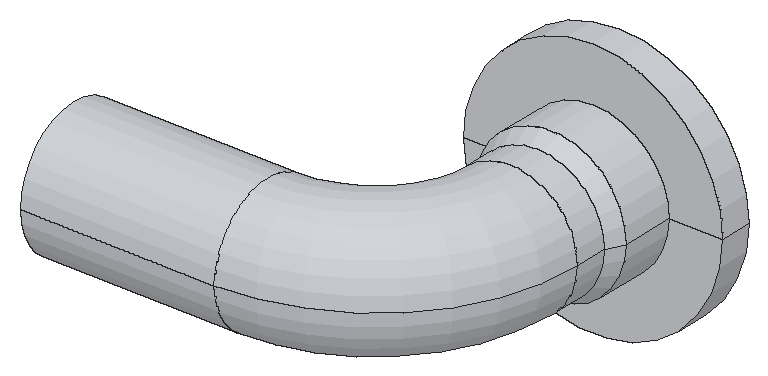
Revit family "1ccadcfc17824af38a2bb159b739b2b1", category Pipe Fittings, Revit 2021
Family settings
  Round Connector Dimension = Use Radius
  Part Type = Elbow
  OmniClass Number = 23.60.30.11.14
  OmniClass Title = Pipework Fittings
  Seek Item ID = Elbow - Threaded - MI - Class 300-0000-USA-ENU
  Work Plane-Based = No
  Always vertical = Yes
  Cut with Voids When Loaded = No
  Shared = No
Parameters (values of type "Standard")
  Tick Size [instance] = Fitting Outside Diameter * 0.4  # 1.5840"
  Socket Outside Radius [instance] = Socket Outside Diameter / 2  # 2.2400"
  Socket Outside Diameter [instance] = size_lookup(Lookup Table Name, "SOD", 1.08 * Nominal Diameter + 1.1200", Nominal Diameter)  # 4.4800"
  Socket Depth [instance] = if(Nominal Diameter < 14.0000", 2.5000", if(Nominal Diameter < 30.0000", 3.5000", 4.0000"))  # 2.5000"
  Lookup Table Name = "Bend - MJ x PE - GI - Class 250"
  Length 5 [instance] = Length 4 + Bevel Length + Socket Depth  # 4.0000"
  Length 4 [instance] = Center to Socket Bottom 1 - Bevel Length - Length 1  # 0.9800"
  Length 3 [instance] = sin(Angle) * (Center to Socket Bottom 1 + Socket Depth)  # 8.0000"
  Length 2 [instance] = cos(Angle) * (Center to Socket Bottom 1 + Socket Depth)  # 0.0000"
  Length 1 [instance] = tan(Angle / 2) * Center Radius  # 4.0000"
  Fitting Outside Radius [instance] = Fitting Outside Diameter / 2  # 1.9800"
  Fitting Outside Diameter [instance] = size_lookup(Lookup Table Name, "FOD", 1.04 * Nominal Diameter + 0.7000", Nominal Diameter)  # 3.9600"
  Nominal Radius [instance] = 1.5000"
  Nominal Diameter [instance] = Nominal Radius * 2  # 3.0000"
  Loss Method = K Coefficient from Table
  K Coefficient Table = "Long Radius Elbow"
  Default Elevation = 0.0000"
  Bevel Length [instance] = size_lookup(Lookup Table Name, "BvLgt", 0.04 * Nominal Diameter + 0.4300", Nominal Diameter)  # 0.5200"
  Center to Socket Bottom 2 [instance] = size_lookup(Lookup Table Name, "CtSB2", sin(Angle) * (0.75 * Nominal Diameter + 3.2500"), Nominal Diameter, Angle)  # 9.7500"
  Center to Socket Bottom 1 [instance] = size_lookup(Lookup Table Name, "CtSB1", Center to Socket Bottom 1 Not Found, Nominal Diameter, Angle)  # 5.5000"
  Center to Socket Bottom 1 Not Found [instance] = tan(Angle / 2) * Center Radius + Bevel Length + Socket Depth  # 7.0200"
  Center Radius [instance] = size_lookup(Lookup Table Name, "CRad", 0.69 * Nominal Diameter + 1.8100", Nominal Diameter, Angle)  # 4.0000"
  Gland Width [instance] = size_lookup(Lookup Table Name, "GWid", 0.03 * Nominal Diameter + 0.9400", Nominal Diameter)  # 0.9400"
  Gland Outside Radius [instance] = Gland Outside Diameter / 2  # 3.8450"
  Gland Outside Diameter [instance] = size_lookup(Lookup Table Name, "GOD", 1.16 * Nominal Diameter + 4.0300", Nominal Diameter)  # 7.6900"
  Assembly Code = ""
  Angle [instance] = 90.00°
Reference planes (in)
  plane 1 "Center (Front/Back)": y = 0
  plane 2: z = 0
  plane 3 "Center (Left/Right)": x = 0
  plane 4: x = -4
  plane 5: y = 4
  plane 6: y = 1.584
  plane 7: y = -1.584
  plane 8: x = 0
  plane 9: y = 8
  plane 10: x = -9.75
Forms (in)
  Sweep 1, solid, detail levels fine
    path in 3D
      loop
        arc (-4, 0, 0) -> (-1.17157, 1.17157, 0) -> (0, 4, 0) r 4
    profile origin (-1.17157, 1.17157, 0) x (-0.707107, 0.707107, 0) y (0, 0, 1)
      loop
        circle (0, 0) r 1.98
  Revolve 2, solid, detail levels fine
    sketch origin (0, 8, 0) x (0, -1, 0) y (1, 0, 0)
      loop
        line (0, 0) -> (0, -3.845) -> (0.94, -3.845) -> (0.94, -2.24) -> (2.5, -2.24) -> (3.02, -1.98) -> (4, -1.98) -> (4, 0) -> (0, 0)
      axis (0, 0) -> (4, 0)
    angle from 0 to 360
  Extrusion 3, solid, detail levels fine
    sketch origin (0, 0, 0) x (0, 1, 0) y (0, 0, 1)
      loop
        circle (0, 0) r 1.98
    from -9.75 to -4
Cuts and joins
  joined: Sweep 1, Revolve 2, Extrusion 3
Lines and regions (in)
  model lines, style "PipeFitting", detail levels coarse+medium
    curve 1: line (-9.75, 0, 0) -> (-4, 0, 0)
    curve 2: arc (-4, 0, 0) -> (-1.17157, 1.17157, 0) -> (0, 4, 0) r 4
    curve 3: line (0, 4, 0) -> (0, 8, 0)
  sketch lines
    curve 4: arc (-4, 0, 0) -> (-1.17157, 1.17157, 0) -> (0, 4, 0) r 4
  model lines, detail levels coarse+medium
    curve 5: line (-9.75, 0, 0) -> (-9.75, 1.584, 0)
    curve 6: line (-9.75, 0, 0) -> (-9.75, -1.584, 0)
    curve 7: line (0, 8, 0) -> (-1.584, 8, 0)
    curve 8: line (0, 8, 0) -> (1.584, 8, 0)
  reference lines, not visible
    curve 9: line (0, 8, 0) -> (0, 0.68528, 0)
Dimensions and locks (in)
  "Center Radius": plane 5 to plane 1 "Center (Front/Back)"
  "Tick Size": plane 6 to plane 1 "Center (Front/Back)"
  "Tick Size": plane 7 to plane 1 "Center (Front/Back)"
  "Tick Size": curve 7 to curve 7
  "Tick Size": curve 8 to curve 8
  "Socket Outside Radius": Revolve 2 sketch curve to Revolve 2 sketch curve
  "Gland Width": Revolve 2 sketch curve to Revolve 2 sketch curve
  "Fitting Outside Radius": Revolve 2 sketch curve to Revolve 2 sketch curve
  "Gland Outside Radius": Revolve 2 sketch curve to Revolve 2 sketch curve
  "Socket Depth": Revolve 2 sketch curve to Revolve 2 sketch curve
  "Length 1": plane 4 to plane 3 "Center (Left/Right)"
  "Length 3": plane 9 to plane 1 "Center (Front/Back)"
  "Center to Socket Bottom 2": plane 10 to plane 3 "Center (Left/Right)"
  "Length 2": plane 3 "Center (Left/Right)" to plane 8
  "Length 5": Revolve 2 sketch curve to Revolve 2 sketch curve
  "Length 4": Revolve 2 sketch curve to Revolve 2 sketch curve
  "Center Radius": radius of curve 2
  "Fitting Outside Radius": radius of Sweep 1 sketch curve
  "Fitting Outside Radius": radius of Extrusion 3 sketch curve
  "Angle": angle curve 2 to curve 2
  "Angle": angle plane 1 "Center (Front/Back)" to curve 3
  locked: curve 8 to curve 3 (angle 90.00°)
  locked: curve 3 to curve 7 (angle 90.00°)
  "Angle": angle plane 9 to curve 9
  aligned and locked: plane 4 to curve 2
  aligned and locked: plane 6 to curve 5
  aligned and locked: plane 1 "Center (Front/Back)" to curve 6
  aligned and locked: plane 7 to curve 6
  aligned and locked: plane 8 to curve 9
  aligned and locked: plane 9 to curve 9
  aligned and locked: Revolve 2 sketch curve to curve 9
  aligned and locked: curve 6 to plane 10
  aligned and locked: plane 1 "Center (Front/Back)" to Extrusion 3 sketch curve
  aligned and locked: plane 2 to Extrusion 3 sketch curve
  aligned and locked: Extrusion 3 to plane 10
  aligned and locked: plane 4 to Extrusion 3
Automatic sketch dimensions
  Sweep 1 sketch curve to profile plane = 0.0000"  (x2)
  curve 3 to plane 9 = 0.0000"
  Revolve 2 sketch curve to curve 9 = 0.0000"  (x2)
  Revolve 2 sketch curve to Revolve 2 sketch curve = 1.0000"
  Revolve 2 sketch curve to Revolve 2 sketch curve = 0.78127"
Connectors (in)
  piping at (-9.75, 0, 0), diameter 3, driven by "Nominal Radius", driven by "Angle"
    settings: on Extrusion 3, index 1, connector inside diameter 3.0000", connector length 0.0000", flow factor 0, pipe flow 0 GPM, pressure drop 0.00 psi, fitting loss kfactor 0, connector angle 90.00°, fixture units 0, engagement length 0.0000", angle of deflection 0.00°, flow configuration 0, flow direction 0, fitting loss method 0, system type 28, joint type 0, gender type 0, connector reference index 2, connector utility 0, adjustable connector no, is connector primary yes, connector description ""
  piping at (0, 8, 0), diameter 3, driven by "Nominal Radius", driven by "Angle"
    settings: on Revolve 2, index 2, connector inside diameter 3.0000", connector length 0.0000", flow factor 0, pipe flow 0 GPM, pressure drop 0.00 psi, fitting loss kfactor 0, connector angle 90.00°, fixture units 0, engagement length 0.0000", angle of deflection 0.00°, flow configuration 0, flow direction 0, fitting loss method 0, system type 28, joint type 0, gender type 0, connector reference index 1, connector utility 0, adjustable connector no, is connector primary no, connector description ""
